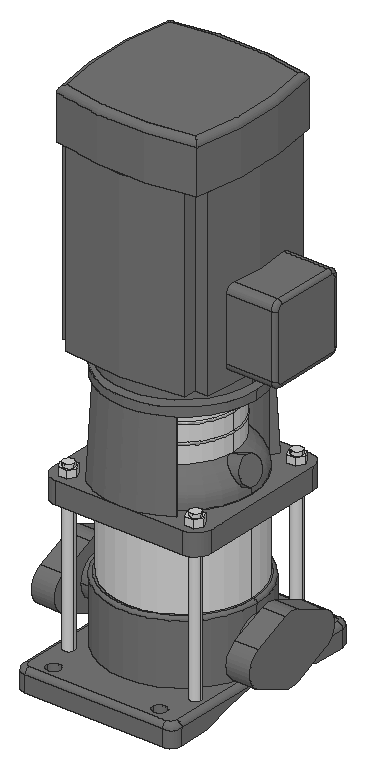
Revit family "TESK_Насос вертикальный с овальными фланцами_SVMT-3", category Оборудование, Revit 2019
Family settings
  Размер круглого соединителя = Использовать диаметр
  Классификация = Насос
  Тип детали = Вставляется
  На основе рабочей плоскости = Нет
  Всегда вертикально = Да
  При загрузке вырезать с полостями = Нет
  Общий = Нет
  Точка расчета площади = Нет
Parameters (values of type "Загрузите каталог типоразмеров TXT")
  Таблица_Поиска = "TESK_SVMT-3 ОФ"  # constant formula
  Производитель_Контакты = "info@teskpump.ru"
  Напор максимальный = 0
  Материал_КорпусУлитка = TESK_Черный_Условный
  Материал_КорпусДвигателя = TESK_Черный_Ребра_Условный
  Материал_2 = TESK_Нержавеющая сталь
  Материал_1 = TESK_Черный_Условный
  Длина_ВспомЛиния = 30 mm  # constant formula
  Высота_Перехода = size_lookup(Таблица_Поиска, "A5", 90 mm, ADSK_Марка)  # 90 mm
  Высота_Корпуса = size_lookup(Таблица_Поиска, "A1", 258 mm, ADSK_Марка)  # 258 mm
  Watermark [instance] = "Модели защищены уникальным кодом"
  URL = "www.teskpump.ru"
  ADSK_Свободный напор жидкости [instance] = 0.0 Pa
  ADSK_Расход жидкости [instance] = 0.0 L/s
  ADSK_Полная мощность = ADSK_Номинальная мощность * ADSK_Коэффициент мощности  # 0 kVA
  ADSK_Номинальная мощность = size_lookup(Таблица_Поиска, "Pow", 0 kW, ADSK_Марка)  # 0 kW
  ADSK_Напряжение = 400 V
  ADSK_Наименование краткое = "Вертикальный многоступенчатый центробежный насос"  # constant formula
  ADSK_Наименование = size_lookup(Таблица_Поиска, "Name", "Не найдено: Насос TESK SVMT-3", ADSK_Марка)  # "Не найдено: Насос TESK SVMT-3"
  ADSK_Масса_Текст = size_lookup(Таблица_Поиска, "mass_t", "Не найдено: Насос TESK SVMT-3", ADSK_Марка)  # "Не найдено: Насос TESK SVMT-3"
  ADSK_Масса = size_lookup(Таблица_Поиска, "mass", 0, ADSK_Марка)  # 0
  ADSK_Марка = "Загрузите каталог типоразмеров TXT"
  ADSK_Коэффициент мощности = 1
  ADSK_Количество фаз числовое = ADSK_Количество фаз  # 3
  ADSK_Количество фаз = if(ADSK_Напряжение = 230 V, 1, 3)  # 3
  ADSK_Количество = 1  # constant formula
  ADSK_Код изделия = size_lookup(Таблица_Поиска, "code", "Не найдено: Насос TESK SVMT-3", ADSK_Марка)  # "Не найдено: Насос TESK SVMT-3"
  ADSK_Классификация нагрузок = Прочее
  ADSK_Завод-изготовитель = "TESK"  # constant formula
  ADSK_Единица измерения = "шт."  # constant formula
  ADSK_Диаметр условный = 25 mm  # constant formula
  ADSK_Версия семейства = "1.0"  # constant formula
  ADSK_Версия Revit = "2019"  # constant formula
  Фланец_Толщина = 22 mm  # constant formula
  УГО_Длина = 206 mm  # constant formula
  Двигатель_Ширина = size_lookup(Таблица_Поиска, "A3", 148 mm, ADSK_Марка)  # 148 mm
  Двигатель_ОтступКоробки = size_lookup(Таблица_Поиска, "A4", 117 mm, ADSK_Марка)  # 117 mm
  Двигатель_Высота = size_lookup(Таблица_Поиска, "A2", 239 mm, ADSK_Марка)  # 239 mm
Reference planes
  plane 1 "По центру (Вперед/Назад)": y = 0
  plane 2: z = 0
  plane 3 "По центру (Влево/Вправо)": x = 0
  plane 4: x = -103
  plane 5: x = 103
  plane 6: x = -81
  plane 7: x = 81
  plane 8: z = -50
  plane 9: z = 208
  plane 10: z = -30
  plane 11: x = -65
  plane 12: z = 20
  plane 13: z = 30
  plane 14: z = 118
  plane 15: x = -40
  plane 16: z = 118
  plane 17: z = 98
  plane 18: x = -75
  plane 19: y = 75
  plane 20: x = 75
  plane 21: y = -75
  plane 22: z = 150.94
  plane 23: z = 200
  plane 24: z = 148
  plane 25: x = -46
  plane 26: x = -48
  plane 27: z = 165.333
  plane 28: z = 182.667
  plane 29: z = 183.667
  plane 30: z = 181.667
  plane 31: z = 166.333
  plane 32: z = 164.333
  plane 33: z = 195
  plane 34: x = -67
  plane 35: x = -75
  plane 36: x = -70
  plane 37: x = 67
  plane 38: x = 75
  plane 39: x = 70
  plane 40: x = -60
  plane 41: x = 60
  plane 42: y = -60
  plane 43: y = 60
  plane 44: z = 128
  plane 45: x = -75
  plane 46: x = 75
  plane 47: y = 105
  plane 48: y = -105
  plane 49: z = -35
  plane 50: x = -70
  plane 51: x = -75
  plane 52: x = -50
  plane 53: x = 50
  plane 54: y = -90
  plane 55: y = 90
  plane 56: z = 20
  plane 57: z = 30
  plane 58: x = -65
  plane 59: x = -70
  plane 60: x = -60
  plane 61: x = 60
  plane 62: y = 60
  plane 63: y = -60
  plane 64: z = 30
  plane 65: x = -75
  plane 66: x = 75
  plane 67: y = -65
  plane 68: y = 65
  plane 69: z = 130
  plane 70: x = 35
Forms (mm)
  Extrusion 1, solid, material "TESK_Черный_Условный" <- "Материал_КорпусУлитка", detail levels fine
    sketch origin (0, 0, 0) x (0, 1, 0) y (0, 0, 1)
      loop
        circle (0, 0) r 20
    from -81 to 81
  Revolve 2, solid, material "TESK_Черный_Условный" <- "Материал_1", detail levels fine
    sketch origin (0, 0, 0) x (1, 0, 0) y (0, 0, 1)
      loop
        line (0, 200) -> (-40, 200) -> (-40, 150.94)
        spline (-40, 150.94) -> (-41.244, 147.444) -> (-44.01, 145.899) -> (-47.266, 144.354) -> (-50.371, 142.694) -> (-53.074, 140.884) -> (-55.632, 138.744) -> (-58.115, 136.259) -> (-60.275, 133.663) -> (-62.008, 131.179) -> (-63.365, 128.735) -> (-64.459, 124.975) -> (-65, 118)
        line (-65, 118) -> (-65, 98) -> (0, 98) -> (0, 200)
      axis (0, 98) -> (0, 200)
    angle from 0 to 360
  Extrusion 3, solid, material "TESK_Черный_Условный" <- "Материал_1", detail levels fine
    sketch origin (0, 0, 0) x (1, 0, 0) y (0, 1, 0)
      loop
        line (-75, 60) -> (-75, -60)
        arc (-75, -60) -> (-70.607, -70.607) -> (-60, -75) r 15
        line (-60, -75) -> (60, -75)
        arc (60, -75) -> (70.607, -70.607) -> (75, -60) r 15
        line (75, -60) -> (75, 60)
        arc (75, 60) -> (70.607, 70.607) -> (60, 75) r 15
        line (60, 75) -> (-60, 75)
        arc (-60, 75) -> (-70.607, 70.607) -> (-75, 60) r 15
    from 98 to 118
  Revolve 4, solid, material "TESK_Нержавеющая сталь" <- "Материал_2", detail levels fine
    sketch origin (0, 0, 0) x (1, 0, 0) y (0, 0, 1)
      loop
        line (-48, 195) -> (-48, 183.667)
        arc (-48, 183.667) -> (-49, 182.667) -> (-48, 181.667) r 1
        line (-48, 181.667) -> (-48, 166.333)
        arc (-48, 166.333) -> (-49, 165.333) -> (-48, 164.333) r 1
        line (-48, 164.333) -> (-48, 148) -> (-46, 148) -> (-46, 195) -> (-48, 195)
      axis (0, 148) -> (0, 195)
    angle from 0 to 360
  Extrusion 5, solid, material "TESK_Черный_Условный" <- "Материал_1", detail levels fine
    sketch origin (0, 0, 0) x (1, 0, 0) y (0, 1, 0)
      loop
        circle (0, 0) r 70
    from 200 to 208
  Revolve 6, solid, material "TESK_Черный_Условный" <- "Материал_1", detail levels fine
    sketch origin (0, 0, 0) x (1, 0, 0) y (0, 0, 1)
      loop
        line (-70, 200) -> (-75, 118) -> (-67, 118) -> (-67, 200) -> (-70, 200)
      axis (0, 118) -> (0, 200)
    angle from 125 to 55
  Revolve 7, solid, material "TESK_Черный_Условный" <- "Материал_1", detail levels fine
    sketch origin (0, 0, 0) x (-1, 0, 0) y (0, 0, 1)
      loop
        line (-70, 200) -> (-75, 118) -> (-67, 118) -> (-67, 200) -> (-70, 200)
      axis (0, 118) -> (0, 200)
    angle from -125 to -55
  Extrusion 8, solid, material "TESK_Нержавеющая сталь" <- "Материал_2", detail levels fine
    sketch origin (0, 0, 0) x (1, 0, 0) y (0, 1, 0)
      loop
        circle (-60, 60) r 5
      loop
        circle (60, 60) r 5
      loop
        circle (-60, -60) r 5
      loop
        circle (60, -60) r 5
    from -30 to 128
  Extrusion 9, solid, material "TESK_Черный_Условный" <- "Материал_1", detail levels fine
    sketch origin (0, 0, 0) x (1, 0, 0) y (0, 1, 0)
      loop
        arc (-65, 105) -> (-72.071, 102.071) -> (-75, 95) r 10
        line (-75, 95) -> (-75, -95)
        arc (-75, -95) -> (-72.071, -102.071) -> (-65, -105) r 10
        line (-65, -105) -> (65, -105)
        arc (65, -105) -> (72.071, -102.071) -> (75, -95) r 10
        line (75, -95) -> (75, 95)
        arc (75, 95) -> (72.071, 102.071) -> (65, 105) r 10
        line (65, 105) -> (-65, 105)
    from -50 to -30
  Sweep 10, void
    path in 3D
      loop
        arc (-75, -95, -30) -> (-72.071, -102.071, -30) -> (-65, -105, -30) r 10
        line (-65, -105, -30) -> (65, -105, -30)
        arc (65, -105, -30) -> (72.071, -102.071, -30) -> (75, -95, -30) r 10
        line (75, -95, -30) -> (75, 95, -30)
        arc (75, 95, -30) -> (72.071, 102.071, -30) -> (65, 105, -30) r 10
        line (65, 105, -30) -> (-65, 105, -30)
        arc (-65, 105, -30) -> (-72.071, 102.071, -30) -> (-75, 95, -30) r 10
        line (-75, 95, -30) -> (-75, -95, -30)
    profile origin (-75, 0, -30) x (1, 0, 0) y (0, 0, 1)
      loop
        arc (0, -5) -> (1.464, -1.464) -> (5, 0) r 5
        line (5, 0) -> (0, 0) -> (0, -5)
  Extrusion 11, void
    sketch origin (0, 0, 0) x (1, 0, 0) y (0, 1, 0)
      loop
        circle (-50, 90) r 6.5
      loop
        circle (50, 90) r 6.5
      loop
        circle (-50, -90) r 6.5
      loop
        circle (50, -90) r 6.5
    from -50 to -30
  Revolve 12, solid, material "TESK_Черный_Условный" <- "Материал_КорпусУлитка", detail levels fine
    sketch origin (0, 0, 0) x (1, 0, 0) y (0, 0, 1)
      loop
        line (-70, -30) -> (0, -30) -> (0, 30) -> (-67, 30)
        arc (-67, 30) -> (-69.121, 29.121) -> (-70, 27) r 3
        line (-70, 27) -> (-70, -30)
      axis (0, -30) -> (0, 30)
    angle from 0 to 360
  Extrusion 13, solid, material "TESK_Нержавеющая сталь" <- "Материал_2", detail levels fine
    sketch origin (0, 0, 0) x (1, 0, 0) y (0, 1, 0)
      loop
        circle (0, 0) r 65
    from 30 to 98
  Extrusion 14, void
    sketch origin (0, 0, 0) x (0, 1, 0) y (0, 0, 1)
      loop
        line (-65, -50) -> (65, -50)
        arc (65, -50) -> (0, -35.506) -> (-65, -50) r 153
    from 75 to -75
  Extrusion 15, solid, material "TESK_Черный_Условный" <- "Материал_КорпусУлитка", detail levels fine
    sketch origin (0, 0, 0) x (0, 1, 0) y (0, 0, 1)
      loop
        line (-7.28, 30.675) -> (-39.42, 16.462)
        arc (-39.42, 16.462) -> (-50.14, 0) -> (-39.42, -16.462) r 18
        line (-39.42, -16.462) -> (-7.28, -30.675)
        arc (-7.28, -30.675) -> (0, -32.213) -> (7.28, -30.675) r 18
        line (7.28, -30.675) -> (39.42, -16.462)
        arc (39.42, -16.462) -> (50.14, 0) -> (39.42, 16.462) r 18
        line (39.42, 16.462) -> (7.28, 30.675)
        arc (7.28, 30.675) -> (0, 32.213) -> (-7.28, 30.675) r 18
    from 81 to 103
  Extrusion 16, solid, material "TESK_Черный_Условный" <- "Материал_КорпусУлитка", detail levels fine
    sketch origin (0, 0, 0) x (0, 1, 0) y (0, 0, 1)
      loop
        line (-7.28, 30.675) -> (-39.42, 16.462)
        arc (-39.42, 16.462) -> (-50.14, 0) -> (-39.42, -16.462) r 18
        line (-39.42, -16.462) -> (-7.28, -30.675)
        arc (-7.28, -30.675) -> (0, -32.213) -> (7.28, -30.675) r 18
        line (7.28, -30.675) -> (39.42, -16.462)
        arc (39.42, -16.462) -> (50.14, 0) -> (39.42, 16.462) r 18
        line (39.42, 16.462) -> (7.28, 30.675)
        arc (7.28, 30.675) -> (0, 32.213) -> (-7.28, 30.675) r 18
    from -103 to -81
  Sweep 17, solid, material "TESK_Черный_Условный" <- "Материал_1", detail levels fine
    path in 3D
      loop
        line (35, 0, 130) -> (63.978, 0, 137.765)
    profile origin (49.489, 0, 133.882) x (-0.258819, 0, 0.965926) y (0, -1, 0)
      loop
        circle (0, 0) r 12.65
Cuts and joins
  Sweep 10, Extrusion 11, Extrusion 14 cuts Extrusion 9
Lines and regions (mm)
  sketch lines
    curve 1: line (-75, 95, -30) -> (-75, -95, -30)
    curve 2: arc (-65, -105, -30) -> (-72.071, -102.071, -30) -> (-75, -95, -30) r 10
    curve 3: line (-65, -105, -30) -> (65, -105, -30)
    curve 4: arc (75, -95, -30) -> (72.071, -102.071, -30) -> (65, -105, -30) r 10
    curve 5: line (75, -95, -30) -> (75, 95, -30)
    curve 6: arc (65, 105, -30) -> (72.071, 102.071, -30) -> (75, 95, -30) r 10
    curve 7: line (65, 105, -30) -> (-65, 105, -30)
    curve 8: arc (-75, 95, -30) -> (-72.071, 102.071, -30) -> (-65, 105, -30) r 10
    curve 10: line (35, 0, 130) -> (63.978, 0, 137.765)
  reference lines
    curve 9: line (35, 0, 130) -> (63.978, 0, 137.765)
Dimensions and locks
  locked: plane 3 "По центру (Влево/Вправо)" to plane 4 at 103
  locked: plane 5 to plane 3 "По центру (Влево/Вправо)" at 103
  "Фланец_Толщина": plane 6 to plane 4
  "Фланец_Толщина": plane 5 to plane 7
  locked: plane 2 to plane 8 at 50
  locked: plane 10 to plane 8 at 20
  locked: plane 3 "По центру (Влево/Вправо)" to plane 11 at 65
  locked: plane 12 to level at 20
  locked: plane 13 to plane 12 at 10
  "Высота_Перехода": plane 9 to plane 14
  locked: plane 3 "По центру (Влево/Вправо)" to plane 15 at 40
  "Высота_Перехода": plane 9 to plane 16
  locked: plane 16 to plane 17 at 20
  equal spacing: plane 18, plane 3 "По центру (Влево/Вправо)", plane 20
  equal spacing: plane 19, plane 1 "По центру (Вперед/Назад)", plane 21
  locked: plane 21 to plane 1 "По центру (Вперед/Назад)" at 75
  locked: plane 18 to plane 3 "По центру (Влево/Вправо)" at 75
  locked: plane 22 to plane 14 at 32.94
  locked: plane 24 to plane 16 at 30
  locked: plane 9 to plane 23 at 8
  locked: plane 3 "По центру (Влево/Вправо)" to plane 25 at 46
  locked: plane 3 "По центру (Влево/Вправо)" to plane 26 at 48
  equal spacing: plane 23, plane 28, plane 27, plane 24
  plane 29 to plane 28 to plane 30 = 1 mm locked, 1 mm locked
  plane 31 to plane 27 to plane 32 = 1 mm locked, 1 mm locked
  locked: plane 23 to plane 33 at 5
  locked: plane 3 "По центру (Влево/Вправо)" to plane 34 at 67
  locked: plane 35 to plane 3 "По центру (Влево/Вправо)" at 75
  locked: plane 3 "По центру (Влево/Вправо)" to plane 36 at 70
  locked: plane 37 to plane 3 "По центру (Влево/Вправо)" at 67
  locked: plane 39 to plane 3 "По центру (Влево/Вправо)" at 70
  locked: plane 38 to plane 3 "По центру (Влево/Вправо)" at 75
  equal spacing: plane 40, plane 3 "По центру (Влево/Вправо)", plane 41
  locked: plane 40 to plane 3 "По центру (Влево/Вправо)" at 60
  equal spacing: plane 43, plane 1 "По центру (Вперед/Назад)", plane 42
  locked: plane 43 to plane 1 "По центру (Вперед/Назад)" at 60
  locked: plane 44 to plane 16 at 10
  equal spacing: plane 45, plane 3 "По центру (Влево/Вправо)", plane 46
  locked: plane 45 to plane 3 "По центру (Влево/Вправо)" at 75
  equal spacing: plane 47, plane 1 "По центру (Вперед/Назад)", plane 48
  plane 47 to plane 1 "По центру (Вперед/Назад)" = 105 mm
  locked: plane 51 to plane 3 "По центру (Влево/Вправо)" at 75
  locked: plane 51 to plane 50 at 5
  locked: plane 10 to plane 49 at 5
  equal spacing: plane 52, plane 3 "По центру (Влево/Вправо)", plane 53
  locked: plane 52 to plane 3 "По центру (Влево/Вправо)" at 50
  equal spacing: plane 55, plane 1 "По центру (Вперед/Назад)", plane 54
  locked: plane 55 to plane 1 "По центру (Вперед/Назад)" at 90
  locked: plane 3 "По центру (Влево/Вправо)" to plane 58 at 65
  locked: plane 58 to plane 59 at 5
  locked: plane 56 to plane 2 at 20
  locked: plane 57 to plane 56 at 10
  equal spacing: plane 62, plane 1 "По центру (Вперед/Назад)", plane 63
  locked: plane 62 to plane 1 "По центру (Вперед/Назад)" at 60
  equal spacing: plane 60, plane 3 "По центру (Влево/Вправо)", plane 61
  locked: plane 3 "По центру (Влево/Вправо)" to plane 61 at 60
  locked: plane 64 to plane 2 at 30
  "Высота_Корпуса": plane 9 to plane 8
  equal spacing: plane 66, plane 3 "По центру (Влево/Вправо)", plane 65
  locked: plane 3 "По центру (Влево/Вправо)" to plane 65 at 75
  equal spacing: plane 67, plane 1 "По центру (Вперед/Назад)", plane 68
  locked: plane 67 to plane 1 "По центру (Вперед/Назад)" at 65
  locked: plane 8 to Extrusion 14 sketch curve at 138.506
  equal spacing: Extrusion 15 sketch curve, plane 1 "По центру (Вперед/Назад)", Extrusion 15 sketch curve
  equal spacing: Extrusion 15 sketch curve, plane 2, Extrusion 15 sketch curve
  locked: plane 2 to Extrusion 15 sketch curve at 14.213
  locked: Extrusion 15 sketch curve to plane 1 "По центру (Вперед/Назад)" at 32.14
  equal spacing: Extrusion 16 sketch curve, plane 2, Extrusion 16 sketch curve
  locked: Extrusion 16 sketch curve to plane 2 at 14.213
  equal spacing: Extrusion 16 sketch curve, plane 1 "По центру (Вперед/Назад)", Extrusion 16 sketch curve
  locked: Extrusion 16 sketch curve to plane 1 "По центру (Вперед/Назад)" at 32.14
  locked: plane 70 to plane 3 "По центру (Влево/Вправо)" at 35
  locked: plane 69 to plane 16 at 12
  "Длина_ВспомЛиния": curve 9 to curve 9
  diameter of Extrusion 1 sketch curve = 40 mm
  radius of Extrusion 3 sketch curve = 15 mm  (x4)
  radius of Revolve 4 sketch curve = 1 mm  (x2)
  diameter of Extrusion 5 sketch curve = 140 mm
  diameter of Extrusion 8 sketch curve = 10 mm  (x4)
  radius of Extrusion 9 sketch curve = 10 mm  (x4)
  radius of Sweep 10 sketch curve = 5 mm
  diameter of Extrusion 11 sketch curve = 13 mm  (x4)
  diameter of Extrusion 13 sketch curve = 130 mm
  radius of Revolve 12 sketch curve = 3 mm
  radius of Extrusion 14 sketch curve = 153 mm
  radius of Extrusion 15 sketch curve = 18 mm  (x4)
  radius of Extrusion 16 sketch curve = 18 mm  (x4)
  diameter of Sweep 17 sketch curve = 25.3 mm
  locked: plane 69 to curve 9 (angle 15.00°)
  aligned and locked: level to plane 2
  aligned and locked: Extrusion 1 to plane 6
  aligned and locked: plane 7 to Extrusion 1
  aligned and locked: plane 9 to nested 1
  aligned and locked: plane 3 "По центру (Влево/Вправо)" to Revolve 2 sketch curve
  aligned and locked: Revolve 2 sketch curve to plane 3 "По центру (Влево/Вправо)"
  aligned and locked: Revolve 2 sketch curve to plane 11
  aligned and locked: plane 14 to Revolve 2 sketch curve
  aligned and locked: Revolve 2 sketch curve to plane 15
  aligned and locked: Extrusion 3 sketch curve to plane 18
  aligned and locked: Extrusion 3 sketch curve to plane 19
  aligned and locked: Extrusion 3 sketch curve to plane 20
  aligned and locked: Extrusion 3 sketch curve to plane 21
  aligned and locked: plane 16 to Extrusion 3
  aligned and locked: Extrusion 3 to plane 17
  aligned and locked: plane 22 to Revolve 2 sketch curve
  aligned and locked: plane 3 "По центру (Влево/Вправо)" to Revolve 4 sketch curve
  aligned and locked: Revolve 4 sketch curve to plane 26  (x3)
  aligned and locked: Revolve 4 sketch curve to plane 24
  aligned and locked: Revolve 4 sketch curve to plane 25
  aligned and locked: Revolve 4 sketch curve to plane 33
  aligned and locked: Extrusion 5 to plane 23
  aligned and locked: plane 9 to Extrusion 5
  aligned and locked: plane 3 "По центру (Влево/Вправо)" to Revolve 6 sketch curve
  aligned and locked: Revolve 6 sketch curve to plane 34
  aligned and locked: plane 16 to Revolve 6 sketch curve
  aligned and locked: Revolve 6 sketch curve to plane 23
  aligned and locked: plane 35 to Revolve 6 sketch curve
  aligned and locked: Revolve 7 sketch curve to plane 37
  aligned and locked: Revolve 7 sketch curve to plane 16
  aligned and locked: plane 23 to Revolve 7 sketch curve
  aligned and locked: plane 43 to Extrusion 8 sketch curve  (x2)
  aligned and locked: plane 40 to Extrusion 8 sketch curve  (x2)
  aligned and locked: plane 41 to Extrusion 8 sketch curve  (x2)
  aligned and locked: plane 42 to Extrusion 8 sketch curve  (x2)
  aligned and locked: Extrusion 8 to plane 10
  aligned and locked: plane 44 to Extrusion 8
  aligned and locked: Extrusion 9 sketch curve to plane 47
  aligned and locked: Extrusion 9 sketch curve to plane 45
  aligned and locked: Extrusion 9 sketch curve to plane 46
  aligned and locked: Extrusion 9 sketch curve to plane 48
  aligned and locked: plane 8 to Extrusion 9
  aligned and locked: plane 10 to Extrusion 9
  aligned and locked: Sweep 10 sketch curve to plane 51
  aligned and locked: profile plane to Sweep 10 sketch curve
  aligned and locked: Revolve 2 sketch curve to plane 23
  aligned and locked: nested 2 to plane 1 "По центру (Вперед/Назад)"
  aligned and locked: nested 2 to plane 3 "По центру (Влево/Вправо)"
  aligned and locked: nested 3 to plane 3 "По центру (Влево/Вправо)"
  aligned and locked: nested 3 to plane 1 "По центру (Вперед/Назад)"
  aligned and locked: plane 2 to nested 3
  aligned and locked: plane 52 to Extrusion 11 sketch curve  (x2)
  aligned and locked: plane 54 to Extrusion 11 sketch curve
  aligned and locked: plane 53 to Extrusion 11 sketch curve  (x2)
  aligned and locked: plane 55 to Extrusion 11 sketch curve  (x2)
  aligned and locked: plane 10 to Extrusion 11
  aligned and locked: Extrusion 11 to plane 8
  aligned and locked: plane 3 "По центру (Влево/Вправо)" to Revolve 12 sketch curve
  aligned and locked: Revolve 12 sketch curve to plane 10
  aligned and locked: Revolve 12 sketch curve to plane 59
  aligned and locked: Revolve 12 sketch curve to plane 57
  aligned and locked: Revolve 12 sketch curve to plane 3 "По центру (Влево/Вправо)"
  aligned and locked: plane 3 "По центру (Влево/Вправо)" to nested 1
  aligned and locked: plane 1 "По центру (Вперед/Назад)" to nested 1
  aligned and locked: nested 4 to plane 62
  aligned and locked: plane 61 to nested 4
  aligned and locked: plane 62 to nested 5
  aligned and locked: plane 60 to nested 5
  aligned and locked: plane 63 to nested 7
  aligned and locked: nested 7 to plane 60
  aligned and locked: nested 6 to plane 63
  aligned and locked: nested 6 to plane 61
  aligned and locked: plane 16 to nested 6
  aligned and locked: nested 4 to plane 16
  aligned and locked: nested 7 to plane 16
  aligned and locked: plane 16 to nested 5
  aligned and locked: Revolve 2 sketch curve to plane 17
  aligned and locked: plane 1 "По центру (Вперед/Назад)" to Extrusion 13 sketch curve
  aligned and locked: plane 3 "По центру (Влево/Вправо)" to Extrusion 13 sketch curve
  aligned and locked: plane 17 to Extrusion 13
  aligned and locked: Extrusion 13 to plane 64
  aligned and locked: plane 36 to Revolve 6 sketch curve
  aligned and locked: plane 38 to Revolve 7 sketch curve
  aligned and locked: plane 67 to Extrusion 14 sketch curve
  aligned and locked: plane 68 to Extrusion 14 sketch curve
  aligned and locked: plane 1 "По центру (Вперед/Назад)" to Extrusion 14 sketch curve
  aligned and locked: Extrusion 14 to plane 66
  aligned and locked: Extrusion 14 to plane 65
  aligned and locked: plane 1 "По центру (Вперед/Назад)" to Extrusion 15 sketch curve  (x2)
  aligned and locked: level to Extrusion 15 sketch curve  (x2)
  aligned and locked: Extrusion 15 to plane 7
  aligned and locked: plane 5 to Extrusion 15
  aligned and locked: plane 2 to Extrusion 16 sketch curve  (x2)
  aligned and locked: plane 1 "По центру (Вперед/Назад)" to Extrusion 16 sketch curve  (x2)
  aligned and locked: Extrusion 16 to plane 4
  aligned and locked: plane 6 to Extrusion 16
  aligned and locked: plane 69 to curve 9
  aligned and locked: plane 70 to curve 9
Automatic sketch dimensions
  Extrusion 1 sketch curve to level = 0 mm
  Extrusion 1 sketch curve to plane 1 "По центру (Вперед/Назад)" = 0 mm
  Revolve 4 sketch curve to plane 32 = 0 mm
  Revolve 4 sketch curve to plane 30 = 0 mm
  Revolve 4 sketch curve to plane 24 = 10 mm
  Revolve 4 sketch curve to Revolve 4 sketch curve = 10 mm
  plane 1 "По центру (Вперед/Назад)" to Extrusion 5 sketch curve = 0 mm
  Extrusion 5 sketch curve to plane 3 "По центру (Влево/Вправо)" = 0 mm
  Sweep 10 sketch curve to plane 49 = 0 mm  (x2)
  Sweep 10 sketch curve to Sweep 10 sketch curve = 0 mm
  Sweep 10 sketch curve to plane 50 = 0 mm
  Extrusion 11 sketch curve to plane 54 = 0 mm
  Revolve 6 sketch curve to plane 44 = 0 mm
  Revolve 6 sketch curve to plane 24 = 7.057 mm
  plane 39 to Revolve 7 sketch curve = 0 mm
  Revolve 7 sketch curve to plane 3 "По центру (Влево/Вправо)" = 0 mm
  Revolve 7 sketch curve to plane 44 = 0 mm
  plane 24 to Revolve 7 sketch curve = 7.057 mm
  Revolve 12 sketch curve to plane 17 = 30 mm
  Revolve 12 sketch curve to plane 17 = 10 mm
  Extrusion 15 sketch curve to Extrusion 15 sketch curve = 0 mm
  Extrusion 15 sketch curve to Extrusion 15 sketch curve = 7.28 mm  (x5)
  Extrusion 15 sketch curve to Extrusion 15 sketch curve = 14.213 mm
  Extrusion 15 sketch curve to plane 1 "По центру (Вперед/Назад)" = 7.28 mm
  Extrusion 16 sketch curve to Extrusion 16 sketch curve = 0 mm
  Extrusion 16 sketch curve to Extrusion 16 sketch curve = 7.28 mm  (x5)
  Extrusion 16 sketch curve to Extrusion 16 sketch curve = 14.56 mm
  Extrusion 16 sketch curve to Extrusion 16 sketch curve = 14.213 mm
  Sweep 17 sketch curve to profile plane = 0 mm
  profile plane to Sweep 17 sketch curve = 0 mm
  Revolve 2 sketch curve to plane 17 = 8 mm
  Revolve 2 sketch curve to Revolve 2 sketch curve = 2 mm
Nested families
  nested 1: "Электродвигатель" at (0, 0, 208), Высота_Двигателя <- "Двигатель_Высота", Отступ_Коробка <- "Двигатель_ОтступКоробки", Ширина_Двигателя <- "Двигатель_Ширина", ADSK_Материал <- "Материал_1", Материал_Корпуса <- "Материал_КорпусДвигателя", type "Электродвигатель", detail levels fine
    with Ширина_Коробки 74 mm, Ширина_Двигателя 148 mm, Отступ_Коробка 117 mm, Материал_Корпуса TESK_Черный_Ребра_Условный, Высота_Двигателя 239 mm, r_Крышка 5.92 mm, r_Коробка 7.4 mm, r2_Коробка 3.7 mm, r2 66.6 mm, r1 54.76 mm, h4 11.95 mm, h3 47.8 mm, h2 14.34 mm, h1 4.78 mm, a 17.76 mm, R 281.2 mm, ADSK_Материал TESK_Черный_Условный
  nested 2: "Вл_УГО_Насос_2D" at (0, 0, 0) x (-1, 0, 0) z (0, 0, 1), L_УГО <- "УГО_Длина", type "Вл_УГО_Насос_2D", detail levels coarse+medium
    with L_УГО 206 mm
  nested 3: "Вл_УГО_Насос_3D" at (0, 0, 0) x (-1, 0, 0) z (0, -1, 0), L_УГО <- "УГО_Длина", type "Вл_УГО_Насос_3D", detail levels coarse+medium
    with L_УГО 206 mm
  nested 4: "Гайка_Условная" at (60, 60, 118), Материал1 <- "Материал_2", type "Гайка_Условная", detail levels fine
    with Толщина_Гайка 7 mm, Материал1 TESK_Нержавеющая сталь, S_Гайка 14 mm, D_Вн 10 mm
  nested 5: "Гайка_Условная" at (-60, 60, 118) x (-1, 0, 0) z (0, 0, 1), Материал1 <- "Материал_2", type "Гайка_Условная", detail levels fine
    with Толщина_Гайка 7 mm, Материал1 TESK_Нержавеющая сталь, S_Гайка 14 mm, D_Вн 10 mm
  nested 6: "Гайка_Условная" at (60, -60, 118), Материал1 <- "Материал_2", type "Гайка_Условная", detail levels fine
    with Толщина_Гайка 7 mm, Материал1 TESK_Нержавеющая сталь, S_Гайка 14 mm, D_Вн 10 mm
  nested 7: "Гайка_Условная" at (-60, -60, 118) x (-1, 0, 0) z (0, 0, 1), Материал1 <- "Материал_2", type "Гайка_Условная", detail levels fine
    with Толщина_Гайка 7 mm, Материал1 TESK_Нержавеющая сталь, S_Гайка 14 mm, D_Вн 10 mm
Connectors
  electrical at (0, 0, 399.2), driven by "ADSK_Количество фаз", driven by "ADSK_Классификация нагрузок", driven by "ADSK_Напряжение", driven by "ADSK_Полная мощность", driven by "ADSK_Коэффициент мощности"
    settings: on nested 1, index 1, voltage 400 V, apparent load 0 kVA, apparent load phase1 0 kVA, apparent load phase2 0 kVA, apparent load phase3 0 kVA, power factor 1, load classification "Прочее", number of poles 3, system type 30, power factor state 1, is connector primary yes, connector utility no, sub classification motor no, connector description ""
  piping at (103, 0, 0), diameter 25, driven by "ADSK_Диаметр условный", driven by "ADSK_Расход жидкости"
    settings: on Extrusion 15, index 2, connector inside diameter 609.6 mm, connector length 0 mm, flow factor 0, pipe flow 0.0 L/s, pressure drop 0.0 Pa, fitting loss kfactor 0, connector angle 0.00°, fixture units 0, engagement length 0 mm, angle of deflection 0.00°, flow configuration 0, flow direction 1, fitting loss method 0, system type 29, joint type 0, gender type 0, connector reference index 3, connector utility 0, adjustable connector no, is connector primary no, connector description ""
  piping at (-103, 0, 0), diameter 25, driven by "ADSK_Диаметр условный", driven by "ADSK_Расход жидкости"
    settings: on Extrusion 16, index 3, connector inside diameter 609.6 mm, connector length 0 mm, flow factor 0, pipe flow 0.0 L/s, pressure drop 0.0 Pa, fitting loss kfactor 0, connector angle 0.00°, fixture units 0, engagement length 0 mm, angle of deflection 0.00°, flow configuration 0, flow direction 2, fitting loss method 0, system type 29, joint type 0, gender type 0, connector reference index 2, connector utility 0, adjustable connector no, is connector primary yes, connector description ""
Definition of nested family "Электродвигатель"
  Parameters (values of type "Электродвигатель")
    Ширина_Коробки [instance] = Ширина_Двигателя * 0.5  # 74 mm
    Ширина_Двигателя [instance] = 148 mm
    Отступ_Коробка [instance] = 117 mm
    Материал_Корпуса [instance] = none
    Высота_Двигателя [instance] = 239 mm
    r_Крышка [instance] = Ширина_Двигателя * 0.04  # 5.92 mm
    r_Коробка [instance] = Ширина_Коробки * 0.1  # 7.4 mm
    r2_Коробка [instance] = Ширина_Коробки * 0.05  # 3.7 mm
    r2 [instance] = Ширина_Двигателя * 0.45  # 66.6 mm
    r1 [instance] = Ширина_Двигателя * 0.37  # 54.76 mm
    h4 [instance] = Высота_Двигателя * 0.05  # 11.95 mm
    h3 [instance] = Высота_Двигателя * 0.2  # 47.8 mm
    h2 [instance] = Высота_Двигателя * 0.06  # 14.34 mm
    h1 [instance] = Высота_Двигателя * 0.02  # 4.78 mm
    a [instance] = Ширина_Двигателя * 0.12  # 17.76 mm
    R [instance] = Ширина_Двигателя * 1.9  # 281.2 mm
    ADSK_Материал [instance] = none
  Reference planes
    plane 1 "По центру (Вперед/Назад)": y = 0
    plane 2: z = 0
    plane 3 "По центру (Влево/Вправо)": x = 0
    plane 4: z = 239
    plane 5: x = -74
    plane 6: x = 74
    plane 7: x = 117
    plane 8: y = 74
    plane 9: y = -74
    plane 10: z = 4.78
    plane 11: z = 19.12
    plane 12: z = 191.2
    plane 13: x = -56.24
    plane 14: y = -56.24
    plane 15: y = 56.24
    plane 16: x = -56.24
    plane 17: x = 56.24
    plane 18: y = 56.24
    plane 19: x = 56.24
    plane 20: y = -56.24
    plane 21: x = -66.6
    plane 22: x = -54.76
    plane 23: x = 207.2
    plane 24: x = -207.2
    plane 25: y = -207.2
    plane 26: y = 207.2
    plane 27: x = 207.2
    plane 28: y = -207.2
    plane 29: x = -207.2
    plane 30: y = 207.2
    plane 31: y = 68.08
    plane 32: z = 233.08
    plane 33: z = 31.07
    plane 34: z = 105.07
    plane 35: y = -37
    plane 36: y = 37
    plane 37: x = 113.3
    plane 38: z = 101.37
  Forms (mm)
    Extrusion 1, solid, material <- "Материал_Корпуса"
      sketch origin (0, 0, 0) x (1, 0, 0) y (0, 1, 0)
        loop
          arc (-68.319, 56.24) -> (-74, 0) -> (-68.319, -56.24) r 281.2
          line (-68.319, -56.24) -> (-56.24, -56.24) -> (-56.24, -68.319)
          arc (-56.24, -68.319) -> (0, -74) -> (56.24, -68.319) r 281.2
          line (56.24, -68.319) -> (56.24, -56.24) -> (68.319, -56.24)
          arc (68.319, -56.24) -> (74, 0) -> (68.319, 56.24) r 281.2
          line (68.319, 56.24) -> (56.24, 56.24) -> (56.24, 68.319)
          arc (56.24, 68.319) -> (0, 74) -> (-56.24, 68.319) r 281.2
          line (-56.24, 68.319) -> (-56.24, 56.24) -> (-68.319, 56.24)
      from 19.12 to 191.2
    Revolve 2, solid, material <- "ADSK_Материал"
      sketch origin (0, 0, 0) x (1, 0, 0) y (0, 0, 1)
        loop
          line (-66.6, 19.12) -> (-66.6, 4.78) -> (-54.76, 4.78) -> (-54.76, 0) -> (0, 0) -> (0, 19.12) -> (-66.6, 19.12)
        axis (0, 0) -> (0, 19.12)
      angle from 0 to 360
    Extrusion 3, solid, material <- "ADSK_Материал"
      sketch origin (0, 0, 0) x (1, 0, 0) y (0, 1, 0)
        loop
          arc (-66.117, 66.117) -> (-74, 0) -> (-66.117, -66.117) r 281.2
          arc (-66.117, -66.117) -> (0, -74) -> (66.117, -66.117) r 281.2
          arc (66.117, -66.117) -> (74, 0) -> (66.117, 66.117) r 281.2
          arc (66.117, 66.117) -> (0, 74) -> (-66.117, 66.117) r 281.2
      from 191.2 to 239
    Sweep 4, void
      path in 3D
        loop
          arc (66.117, 66.117, 239) -> (74, 0, 239) -> (66.117, -66.117, 239) r 281.2
          arc (66.117, -66.117, 239) -> (0, -74, 239) -> (-66.117, -66.117, 239) r 281.2
          arc (-66.117, -66.117, 239) -> (-74, 0, 239) -> (-66.117, 66.117, 239) r 281.2
          arc (-66.117, 66.117, 239) -> (0, 74, 239) -> (66.117, 66.117, 239) r 281.2
      profile origin (0, 74, 239) x (0, 1, 0) y (0, 0, 1)
        loop
          line (0, 0) -> (-5.92, 0)
          arc (-5.92, 0) -> (-1.734, -1.734) -> (0, -5.92) r 5.92
          line (0, -5.92) -> (0, 0)
    Extrusion 5, solid, material <- "ADSK_Материал"
      sketch origin (0, 0, 0) x (0, 1, 0) y (0, 0, 1)
        loop
          line (-29.6, 31.07) -> (29.6, 31.07)
          arc (29.6, 31.07) -> (34.833, 33.237) -> (37, 38.47) r 7.4
          line (37, 38.47) -> (37, 97.67)
          arc (37, 97.67) -> (34.833, 102.903) -> (29.6, 105.07) r 7.4
          line (29.6, 105.07) -> (-29.6, 105.07)
          arc (-29.6, 105.07) -> (-34.833, 102.903) -> (-37, 97.67) r 7.4
          line (-37, 97.67) -> (-37, 38.47)
          arc (-37, 38.47) -> (-34.833, 33.237) -> (-29.6, 31.07) r 7.4
      from 0 to 117
    Sweep 6, void
      path in 3D
        loop
          arc (117, -29.6, 105.07) -> (117, -34.833, 102.903) -> (117, -37, 97.67) r 7.4
          line (117, -37, 97.67) -> (117, -37, 38.47)
          arc (117, -37, 38.47) -> (117, -34.833, 33.237) -> (117, -29.6, 31.07) r 7.4
          line (117, -29.6, 31.07) -> (117, 29.6, 31.07)
          arc (117, 29.6, 31.07) -> (117, 34.833, 33.237) -> (117, 37, 38.47) r 7.4
          line (117, 37, 38.47) -> (117, 37, 97.67)
          arc (117, 37, 97.67) -> (117, 34.833, 102.903) -> (117, 29.6, 105.07) r 7.4
          line (117, 29.6, 105.07) -> (117, -29.6, 105.07)
      profile origin (117, 0, 105.07) x (1, 0, 0) y (0, 0, 1)
        loop
          arc (-3.7, 0) -> (-1.084, -1.084) -> (0, -3.7) r 3.7
          line (0, -3.7) -> (0, 0) -> (-3.7, 0)
  Cuts and joins
    Sweep 4 cuts Extrusion 3
    Sweep 6 cuts Extrusion 5
  Lines and regions (mm)
    sketch lines
      curve 1: arc (-66.117, 66.117, 239) -> (0, 74, 239) -> (66.117, 66.117, 239) r 281.2
      curve 2: arc (66.117, 66.117, 239) -> (74, 0, 239) -> (66.117, -66.117, 239) r 281.2
      curve 3: arc (66.117, -66.117, 239) -> (0, -74, 239) -> (-66.117, -66.117, 239) r 281.2
      curve 4: arc (-66.117, -66.117, 239) -> (-74, 0, 239) -> (-66.117, 66.117, 239) r 281.2
      curve 5: line (117, 29.6, 105.07) -> (117, -29.6, 105.07)
      curve 6: arc (117, 29.6, 105.07) -> (117, 34.833, 102.903) -> (117, 37, 97.67) r 7.4
      curve 7: line (117, 37, 38.47) -> (117, 37, 97.67)
      curve 8: arc (117, 37, 38.47) -> (117, 34.833, 33.237) -> (117, 29.6, 31.07) r 7.4
      curve 9: line (117, -29.6, 31.07) -> (117, 29.6, 31.07)
      curve 10: arc (117, -29.6, 31.07) -> (117, -34.833, 33.237) -> (117, -37, 38.47) r 7.4
      curve 11: line (117, -37, 97.67) -> (117, -37, 38.47)
      curve 12: arc (117, -37, 97.67) -> (117, -34.833, 102.903) -> (117, -29.6, 105.07) r 7.4
  Dimensions and locks
    "Высота_Двигателя": plane 4 to plane 2
    equal spacing: plane 6, plane 3 "По центру (Влево/Вправо)", plane 5
    "Ширина_Двигателя": plane 6 to plane 5
    "Отступ_Коробка": plane 7 to plane 3 "По центру (Влево/Вправо)"
    equal spacing: plane 8, plane 1 "По центру (Вперед/Назад)", plane 9
    "Ширина_Двигателя": plane 8 to plane 9
    "a": plane 5 to plane 13
    "a": plane 14 to plane 9
    "a": plane 19 to plane 6
    "a": plane 20 to plane 9
    "a": plane 17 to plane 6
    "a": plane 8 to plane 18
    "a": plane 8 to plane 15
    "a": plane 5 to plane 16
    "r1": plane 3 "По центру (Влево/Вправо)" to plane 22
    "r2": plane 3 "По центру (Влево/Вправо)" to plane 21
    "h1": plane 10 to plane 2
    "h2": plane 11 to plane 10
    "h3": plane 4 to plane 12
    "R": plane 8 to plane 25
    "R": plane 5 to plane 23
    "R": plane 26 to plane 9
    "R": plane 24 to plane 6
    "R": plane 30 to plane 9
    "R": plane 8 to plane 28
    "R": plane 29 to plane 6
    "R": plane 5 to plane 27
    "r_Крышка": plane 8 to plane 31
    "r_Крышка": plane 4 to plane 32
    "h4": plane 33 to plane 11
    "Ширина_Коробки": plane 34 to plane 33
    equal spacing: plane 35, plane 1 "По центру (Вперед/Назад)", plane 36
    "Ширина_Коробки": plane 35 to plane 36
    "r2_Коробка": plane 7 to plane 37
    "r2_Коробка": plane 34 to plane 38
    "R": radius of Extrusion 1 sketch curve  (x4)
    "R": radius of Extrusion 3 sketch curve  (x4)
    "r_Крышка": radius of Sweep 4 sketch curve
    "r_Коробка": radius of Extrusion 5 sketch curve  (x4)
    "r2_Коробка": radius of Sweep 6 sketch curve
    aligned and locked: level to plane 2
    aligned and locked: Extrusion 1 sketch curve to plane 16
    aligned and locked: Extrusion 1 sketch curve to plane 17
    aligned and locked: Extrusion 1 sketch curve to plane 18
    aligned and locked: Extrusion 1 sketch curve to plane 20
    aligned and locked: Extrusion 1 sketch curve to plane 19
    aligned and locked: Extrusion 1 sketch curve to plane 13
    aligned and locked: Extrusion 1 sketch curve to plane 14
    aligned and locked: plane 12 to Extrusion 1
    aligned and locked: Extrusion 1 to plane 11
    aligned and locked: plane 3 "По центру (Влево/Вправо)" to Revolve 2 sketch curve
    aligned and locked: Revolve 2 sketch curve to plane 11
    aligned and locked: Revolve 2 sketch curve to plane 3 "По центру (Влево/Вправо)"
    aligned and locked: Revolve 2 sketch curve to level
    aligned and locked: Revolve 2 sketch curve to plane 21
    aligned and locked: Revolve 2 sketch curve to plane 22
    aligned and locked: Revolve 2 sketch curve to plane 10
    aligned and locked: plane 23 to Extrusion 1 sketch curve
    aligned and locked: plane 1 "По центру (Вперед/Назад)" to Extrusion 1 sketch curve  (x2)
    aligned and locked: plane 25 to Extrusion 1 sketch curve
    aligned and locked: plane 3 "По центру (Влево/Вправо)" to Extrusion 1 sketch curve  (x2)
    aligned and locked: plane 24 to Extrusion 1 sketch curve
    aligned and locked: plane 26 to Extrusion 1 sketch curve
    aligned and locked: plane 28 to Extrusion 3 sketch curve
    aligned and locked: plane 3 "По центру (Влево/Вправо)" to Extrusion 3 sketch curve  (x2)
    aligned and locked: plane 1 "По центру (Вперед/Назад)" to Extrusion 3 sketch curve  (x2)
    aligned and locked: plane 29 to Extrusion 3 sketch curve
    aligned and locked: plane 30 to Extrusion 3 sketch curve
    aligned and locked: plane 27 to Extrusion 3 sketch curve
    aligned and locked: plane 4 to Extrusion 3
    aligned and locked: Extrusion 3 to plane 12
    aligned and locked: profile plane to Sweep 4 sketch curve  (x2)
    aligned and locked: Extrusion 5 sketch curve to plane 33
    aligned and locked: Extrusion 5 sketch curve to plane 35
    aligned and locked: Extrusion 5 sketch curve to plane 34
    aligned and locked: Extrusion 5 sketch curve to plane 36
    aligned and locked: Extrusion 5 to plane 3 "По центру (Влево/Вправо)"
    aligned and locked: plane 7 to Extrusion 5
    aligned and locked: Sweep 6 sketch curve to plane 34
    aligned and locked: Sweep 6 sketch curve to plane 7
    aligned and locked: plane 37 to Sweep 6 sketch curve
    aligned and locked: plane 38 to Sweep 6 sketch curve
  Automatic sketch dimensions
    Extrusion 1 sketch curve to plane 15 = 0 mm
    plane 10 to Revolve 2 sketch curve = 5 mm
    Revolve 2 sketch curve to plane 11 = 0.698 mm
    Sweep 4 sketch curve to plane 31 = 0 mm  (x2)
    Sweep 4 sketch curve to plane 32 = 0 mm  (x2)
    Sweep 6 sketch curve to plane 37 = 0 mm
    Sweep 6 sketch curve to plane 38 = 0 mm
Definition of nested family "Вл_УГО_Насос_3D"
  Parameters (values of type "Вл_УГО_Насос_3D")
    L_УГО [instance] = 490 mm
    D = 200 mm  # constant formula
  Reference planes
    plane 1 "По центру (Вперед/Назад)": y = 0
    plane 2: z = 0
    plane 3 "По центру (Влево/Вправо)": x = 0
    plane 4: x = -245
    plane 5: x = 245
    plane 6: z = -1
    plane 7: z = 1
    plane 8: z = 0.5
    plane 9: z = -0.5
  Forms (mm)
    Extrusion 1, solid
      sketch origin (0, 0, 0) x (1, 0, 0) y (0, 1, 0)
        loop
          circle (0, 0) r 100
      from -0.5 to 0.5
    Extrusion 2, solid
      sketch origin (0, 0, 0) x (1, 0, 0) y (0, 1, 0)
        loop
          line (-100, 0) -> (50, -86.603) -> (50, 86.603) -> (-100, 0)
      from -1 to 1
  Lines and regions (mm)
    model lines
      curve 1: line (-245, 0, 0) -> (-100, 0, 0)
      curve 2: line (100, 0, 0) -> (245, 0, 0)
  Dimensions and locks
    equal spacing: plane 4, plane 3 "По центру (Влево/Вправо)", plane 5
    plane 7 to level to plane 6 = 1 mm locked, 1 mm locked
    plane 8 to level = 0.5 mm
    level to plane 9 = 0.5 mm
    "L_УГО": plane 4 to plane 5
    "D": diameter of Extrusion 1 sketch curve
    aligned and locked: level to plane 2
    aligned and locked: plane 3 "По центру (Влево/Вправо)" to Extrusion 1 sketch curve
    aligned and locked: plane 1 "По центру (Вперед/Назад)" to Extrusion 1 sketch curve
    aligned and locked: plane 8 to Extrusion 1
    aligned and locked: Extrusion 1 to plane 9
    aligned and locked: Extrusion 2 to plane 6
    aligned and locked: plane 7 to Extrusion 2
    aligned and locked: plane 1 "По центру (Вперед/Назад)" to curve 1
    aligned and locked: plane 4 to curve 1
    aligned and locked: plane 5 to curve 2
  Automatic sketch dimensions
    plane 1 "По центру (Вперед/Назад)" to Extrusion 2 sketch curve = 0 mm
    plane 3 "По центру (Влево/Вправо)" to Extrusion 2 sketch curve = 50 mm
    plane 1 "По центру (Вперед/Назад)" to Extrusion 2 sketch curve = 86.603 mm
    Extrusion 2 sketch curve to plane 1 "По центру (Вперед/Назад)" = 86.603 mm
    Extrusion 2 sketch curve to plane 3 "По центру (Влево/Вправо)" = 100 mm
    plane 1 "По центру (Вперед/Назад)" to curve 1 = 0 mm
    plane 1 "По центру (Вперед/Назад)" to curve 2 = 0 mm
    curve 1 to plane 3 "По центру (Влево/Вправо)" = 100 mm
    plane 3 "По центру (Влево/Вправо)" to curve 2 = 100 mm
Definition of nested family "Гайка_Условная"
  Parameters (values of type "Гайка_Условная")
    Толщина_Гайка [instance] = 10 mm
    Материал1 [instance] = none
    S_Гайка [instance] = 15 mm
    D_Вн [instance] = 10 mm
  Reference planes
    plane 1 "По центру (Вперед/Назад)": y = 0
    plane 2: z = 0
    plane 3 "По центру (Влево/Вправо)": x = 0
    plane 4: z = 10
  Forms (mm)
    Extrusion 1, solid, material <- "Материал1"
      sketch origin (0, 0, 0) x (1, 0, 0) y (0, 1, 0)
        loop
          line (8.66, 0) -> (4.33, 7.5) -> (-4.33, 7.5) -> (-8.66, 0) -> (-4.33, -7.5) -> (4.33, -7.5) -> (8.66, 0)
        loop
          circle (0, 0) r 5
      from 0 to 10
  Dimensions and locks
    equal spacing: Extrusion 1 sketch curve, plane 3 "По центру (Влево/Вправо)", Extrusion 1 sketch curve  (x3)
    "S_Гайка": Extrusion 1 sketch curve to Extrusion 1 sketch curve  (x3)
    "Толщина_Гайка": plane 4 to plane 2
    "D_Вн": diameter of Extrusion 1 sketch curve
    locked: Extrusion 1 sketch curve to Extrusion 1 sketch curve (angle 120.00°)  (x3)
    aligned and locked: level to plane 2
    aligned and locked: plane 1 "По центру (Вперед/Назад)" to Extrusion 1 sketch curve
    aligned and locked: plane 3 "По центру (Влево/Вправо)" to Extrusion 1 sketch curve
    aligned and locked: plane 4 to Extrusion 1
    aligned and locked: Extrusion 1 to plane 2
Definition of nested family "Вл_УГО_Насос_2D"
  Parameters (values of type "Вл_УГО_Насос_2D")
    L_УГО [instance] = 250 mm
    D = 200 mm  # constant formula
  Reference planes
    plane 1 "По центру (Вперед/Назад)": y = 0
    plane 2: z = 0
    plane 3 "По центру (Влево/Вправо)": x = 0
    plane 4: x = -125
    plane 5: x = 125
    plane 6: x = -100
    plane 7: x = 100
    plane 8: x = -100, in view "Опорный уровень"
  Lines and regions (mm)
    Filled region 1, type "Сплошная заливка - Черный", in view "Опорный уровень"
      outline origin (0, 0, 0) x (1, 0, 0) y (0, 1, 0)
        loop
          line (-100, 0) -> (50, -86.603) -> (50, 86.603) -> (-100, 0)
    detail lines, in view "Опорный уровень"
      curve 1: line (-125, 0, 0) -> (-100, 0, 0)
      curve 2: line (100, 0, 0) -> (125, 0, 0)
      curve 3: circle (0, 0, 0) r 100 normal (0, 0, 1)
  Dimensions and locks
    "L_УГО": plane 4 to plane 5
    equal spacing: plane 4, plane 3 "По центру (Влево/Вправо)", plane 5
    locked: plane 8 to plane 3 "По центру (Влево/Вправо)" at 100
    equal spacing: plane 6, plane 3 "По центру (Влево/Вправо)", plane 7
    "D": plane 6 to plane 7
    "D": diameter of curve 3
    aligned and locked: plane 4 to curve 1
    aligned and locked: plane 5 to curve 2
    aligned and locked: plane 1 "По центру (Вперед/Назад)" to curve 1
    aligned and locked: plane 8 to Filled region 1 sketch curve
    aligned and locked: plane 6 to curve 1
    aligned and locked: plane 7 to curve 2
    aligned and locked: plane 3 "По центру (Влево/Вправо)" to curve 3
    aligned and locked: plane 1 "По центру (Вперед/Назад)" to curve 3
  Automatic sketch dimensions
    plane 1 "По центру (Вперед/Назад)" to Filled region 1 sketch curve = 0 mm
    plane 3 "По центру (Влево/Вправо)" to Filled region 1 sketch curve = 50 mm
    plane 1 "По центру (Вперед/Назад)" to Filled region 1 sketch curve = 86.603 mm
    Filled region 1 sketch curve to plane 1 "По центру (Вперед/Назад)" = 86.603 mm
    plane 1 "По центру (Вперед/Назад)" to curve 2 = 0 mm
Types in the file's own list only (23): name | Напор максимальный | Длина_ВспомЛиния | Высота_Перехода | Высота_Корпуса | ADSK_Полная мощность | ADSK_Номинальная мощность | ADSK_Напряжение | ADSK_Наименование | ADSK_Масса_Текст | ADSK_Масса | ADSK_Марка | ADSK_Код изделия | ADSK_Диаметр условный | Фланец_Толщина | УГО_Длина | Двигатель_Ширина | Двигатель_ОтступКоробки | Двигатель_Высота
  SVMT 3-2 0.37kW 3x380V 50Hz IE3 | 12.5 | 30 мм | 90 мм | 258 мм | 0 кВ·А | 0 кВт | 400 В | "Вертикальный многоступенчатый центробежный насос SVMT, DN25, Hmax=12.5м (3x380V 50Hz IE3)" | "20" | 20 | "SVMT 3-2 0.37kW 3x380V 50Hz IE3" | "773-20003380NF" | 25 мм | 22 мм | 206 мм | 148 мм | 117 мм | 239 мм
  SVMT 3-3 0.37kW 3x380V 50Hz IE3 | 19 | 30 мм | 90 мм | 276 мм | 0 кВ·А | 0 кВт | 400 В | "Вертикальный многоступенчатый центробежный насос SVMT, DN25, Hmax=19м (3x380V 50Hz IE3)" | "20" | 20 | "SVMT 3-3 0.37kW 3x380V 50Hz IE3" | "773-30003380NF" | 25 мм | 22 мм | 206 мм | 148 мм | 117 мм | 239 мм
  SVMT 3-4 0.37kW 3x380V 50Hz IE3 | 25 | 30 мм | 90 мм | 294 мм | 0 кВ·А | 0 кВт | 400 В | "Вертикальный многоступенчатый центробежный насос SVMT, DN25, Hmax=25м (3x380V 50Hz IE3)" | "21" | 21 | "SVMT 3-4 0.37kW 3x380V 50Hz IE3" | "773-40003380NF" | 25 мм | 22 мм | 206 мм | 148 мм | 117 мм | 239 мм
  SVMT 3-5 0.37kW 3x380V 50Hz IE3 | 31 | 30 мм | 90 мм | 312 мм | 0 кВ·А | 0 кВт | 400 В | "Вертикальный многоступенчатый центробежный насос SVMT, DN25, Hmax=31м (3x380V 50Hz IE3)" | "21" | 21 | "SVMT 3-5 0.37kW 3x380V 50Hz IE3" | "773-50003380NF" | 25 мм | 22 мм | 206 мм | 148 мм | 117 мм | 239 мм
  SVMT 3-6 0.55kW 3x380V 50Hz IE3 | 36 | 30 мм | 90 мм | 330 мм | 1 кВ·А | 1 кВт | 400 В | "Вертикальный многоступенчатый центробежный насос SVMT, DN25, Hmax=36м (3x380V 50Hz IE3)" | "23" | 23 | "SVMT 3-6 0.55kW 3x380V 50Hz IE3" | "773-60003380NF" | 25 мм | 22 мм | 206 мм | 148 мм | 117 мм | 239 мм
  SVMT 3-7 0.55kW 3x380V 50Hz IE3 | 43 | 30 мм | 90 мм | 348 мм | 1 кВ·А | 1 кВт | 400 В | "Вертикальный многоступенчатый центробежный насос SVMT, DN25, Hmax=43м (3x380V 50Hz IE3)" | "24" | 24 | "SVMT 3-7 0.55kW 3x380V 50Hz IE3" | "773-70003380NF" | 25 мм | 22 мм | 206 мм | 148 мм | 117 мм | 239 мм
  SVMT 3-8 0.75kW 3x380V 50Hz IE3 | 49 | 30 мм | 110 мм | 376 мм | 1 кВ·А | 1 кВт | 400 В | "Вертикальный многоступенчатый центробежный насос SVMT, DN25, Hmax=49м (3x380V 50Hz IE3)" | "27" | 27 | "SVMT 3-8 0.75kW 3x380V 50Hz IE3" | "773-80003380NF" | 25 мм | 22 мм | 206 мм | 170 мм | 142 мм | 280 мм
  SVMT 3-9 0.75kW 3x380V 50Hz IE3 | 55 | 30 мм | 110 мм | 394 мм | 1 кВ·А | 1 кВт | 400 В | "Вертикальный многоступенчатый центробежный насос SVMT, DN25, Hmax=55м (3x380V 50Hz IE3)" | "28" | 28 | "SVMT 3-9 0.75kW 3x380V 50Hz IE3" | "773-90003380NF" | 25 мм | 22 мм | 206 мм | 170 мм | 142 мм | 280 мм
  SVMT 3-10 0.75kW 3x380V 50Hz IE3 | 61 | 30 мм | 110 мм | 412 мм | 1 кВ·А | 1 кВт | 400 В | "Вертикальный многоступенчатый центробежный насос SVMT, DN25, Hmax=61м (3x380V 50Hz IE3)" | "28" | 28 | "SVMT 3-10 0.75kW 3x380V 50Hz IE3" | "773-100003380NF" | 25 мм | 22 мм | 206 мм | 170 мм | 142 мм | 280 мм
  SVMT 3-11 1.1kW 3x380V 50Hz IE3 | 67 | 30 мм | 110 мм | 430 мм | 1 кВ·А | 1 кВт | 400 В | "Вертикальный многоступенчатый центробежный насос SVMT, DN25, Hmax=67м (3x380V 50Hz IE3)" | "29" | 29 | "SVMT 3-11 1.1kW 3x380V 50Hz IE3" | "773-110003380NF" | 25 мм | 22 мм | 206 мм | 170 мм | 142 мм | 280 мм
  SVMT 3-12 1.1kW 3x380V 50Hz IE3 | 73 | 30 мм | 110 мм | 448 мм | 1 кВ·А | 1 кВт | 400 В | "Вертикальный многоступенчатый центробежный насос SVMT, DN25, Hmax=73м (3x380V 50Hz IE3)" | "30" | 30 | "SVMT 3-12 1.1kW 3x380V 50Hz IE3" | "773-120003380NF" | 25 мм | 22 мм | 206 мм | 170 мм | 142 мм | 280 мм
  SVMT 3-13 1.1kW 3x380V 50Hz IE3 | 78 | 30 мм | 110 мм | 466 мм | 1 кВ·А | 1 кВт | 400 В | "Вертикальный многоступенчатый центробежный насос SVMT, DN25, Hmax=78м (3x380V 50Hz IE3)" | "31" | 31 | "SVMT 3-13 1.1kW 3x380V 50Hz IE3" | "773-130003380NF" | 25 мм | 22 мм | 206 мм | 170 мм | 142 мм | 280 мм
  SVMT 3-15 1.1kW 3x380V 50Hz IE3 | 90 | 30 мм | 110 мм | 502 мм | 1 кВ·А | 1 кВт | 400 В | "Вертикальный многоступенчатый центробежный насос SVMT, DN25, Hmax=90м (3x380V 50Hz IE3)" | "32" | 32 | "SVMT 3-15 1.1kW 3x380V 50Hz IE3" | "773-150003380NF" | 25 мм | 22 мм | 206 мм | 170 мм | 142 мм | 280 мм
  SVMT 3-17 1.5kW 3x380V 50Hz IE3 | 103 | 30 мм | 130 мм | 548 мм | 2 кВ·А | 2 кВт | 400 В | "Вертикальный многоступенчатый центробежный насос SVMT, DN25, Hmax=103м (3x380V 50Hz IE3)" | "38" | 38 | "SVMT 3-17 1.5kW 3x380V 50Hz IE3" | "773-170003380NF" | 25 мм | 22 мм | 206 мм | 190 мм | 155 мм | 333 мм
  SVMT 3-19 1.5kW 3x380V 50Hz IE3 | 115 | 30 мм | 130 мм | 584 мм | 2 кВ·А | 2 кВт | 400 В | "Вертикальный многоступенчатый центробежный насос SVMT, DN25, Hmax=115м (3x380V 50Hz IE3)" | "39" | 39 | "SVMT 3-19 1.5kW 3x380V 50Hz IE3" | "773-190003380NF" | 25 мм | 22 мм | 206 мм | 190 мм | 155 мм | 333 мм
  SVMT 3-21 2.2kW 3x380V 50Hz IE3 | 128 | 30 мм | 130 мм | 620 мм | 2 кВ·А | 2 кВт | 400 В | "Вертикальный многоступенчатый центробежный насос SVMT, DN25, Hmax=128м (3x380V 50Hz IE3)" | "42" | 42 | "SVMT 3-21 2.2kW 3x380V 50Hz IE3" | "773-210003380NF" | 25 мм | 22 мм | 206 мм | 190 мм | 155 мм | 333 мм
  SVMT 3-23 2.2kW 3x380V 50Hz IE3 | 140 | 30 мм | 130 мм | 656 мм | 2 кВ·А | 2 кВт | 400 В | "Вертикальный многоступенчатый центробежный насос SVMT, DN25, Hmax=140м (3x380V 50Hz IE3)" | "43" | 43 | "SVMT 3-23 2.2kW 3x380V 50Hz IE3" | "773-230003380NF" | 25 мм | 22 мм | 206 мм | 190 мм | 155 мм | 333 мм
  SVMT 3-25 2.2kW 3x380V 50Hz IE3 | 151 | 30 мм | 130 мм | 692 мм | 2 кВ·А | 2 кВт | 400 В | "Вертикальный многоступенчатый центробежный насос SVMT, DN25, Hmax=151м (3x380V 50Hz IE3)" | "44" | 44 | "SVMT 3-25 2.2kW 3x380V 50Hz IE3" | "773-250003380NF" | 25 мм | 22 мм | 206 мм | 190 мм | 155 мм | 333 мм
  SVMT 3-27 2.2kW 3x380V 50Hz IE3 | 164 | 30 мм | 130 мм | 728 мм | 2 кВ·А | 2 кВт | 400 В | "Вертикальный многоступенчатый центробежный насос SVMT, DN25, Hmax=164м (3x380V 50Hz IE3)" | "45" | 45 | "SVMT 3-27 2.2kW 3x380V 50Hz IE3" | "773-270003380NF" | 25 мм | 22 мм | 206 мм | 190 мм | 155 мм | 333 мм
  SVMT 3-29 2.2kW 3x380V 50Hz IE3 | 175 | 30 мм | 130 мм | 764 мм | 2 кВ·А | 2 кВт | 400 В | "Вертикальный многоступенчатый центробежный насос SVMT, DN25, Hmax=175м (3x380V 50Hz IE3)" | "46" | 46 | "SVMT 3-29 2.2kW 3x380V 50Hz IE3" | "773-290003380NF" | 25 мм | 22 мм | 206 мм | 190 мм | 155 мм | 333 мм
  SVMT 3-31 3kW 3x380V 50Hz IE3 | 187 | 30 мм | 150 мм | 810 мм | 3 кВ·А | 3 кВт | 400 В | "Вертикальный многоступенчатый центробежный насос SVMT, DN25, Hmax=187м (3x380V 50Hz IE3)" | "54" | 54 | "SVMT 3-31 3kW 3x380V 50Hz IE3" | "773-310003380NF" | 25 мм | 22 мм | 206 мм | 197 мм | 165 мм | 348 мм
  SVMT 3-33 3kW 3x380V 50Hz IE3 | 199 | 30 мм | 150 мм | 846 мм | 3 кВ·А | 3 кВт | 400 В | "Вертикальный многоступенчатый центробежный насос SVMT, DN25, Hmax=199м (3x380V 50Hz IE3)" | "55" | 55 | "SVMT 3-33 3kW 3x380V 50Hz IE3" | "773-330003380NF" | 25 мм | 22 мм | 206 мм | 197 мм | 165 мм | 348 мм
  SVMT 3-36 3kW 3x380V 50Hz IE3 | 218 | 30 мм | 150 мм | 900 мм | 3 кВ·А | 3 кВт | 400 В | "Вертикальный многоступенчатый центробежный насос SVMT, DN25, Hmax=218м (3x380V 50Hz IE3)" | "57" | 57 | "SVMT 3-36 3kW 3x380V 50Hz IE3" | "773-360003380NF" | 25 мм | 22 мм | 206 мм | 197 мм | 165 мм | 348 мм
